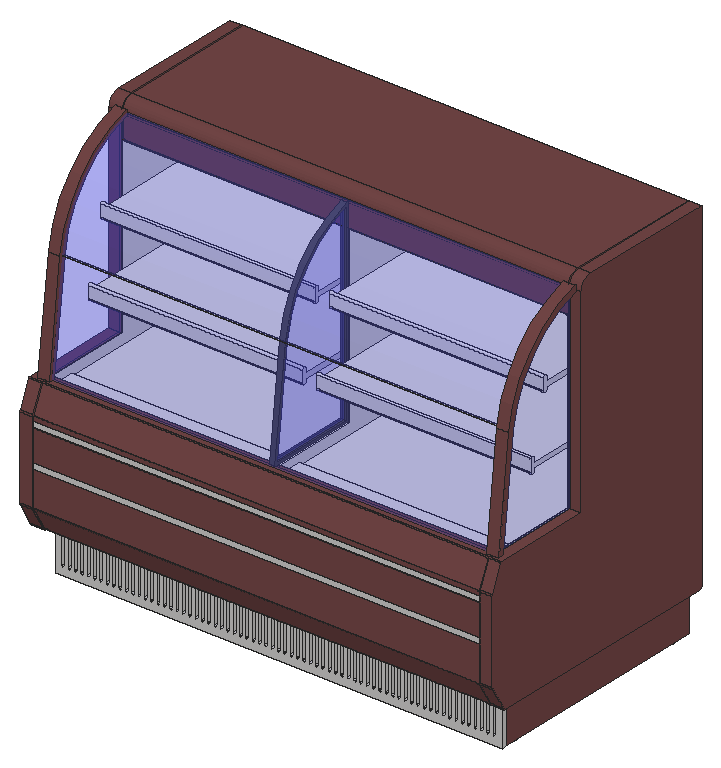
Revit family "QF_Turbo Air_TCGB-60-CO", category Specialty Equipment, Revit 2014 (continued)
Automatic sketch dimensions
  Extrusion 11 sketch curve to Extrusion 11 sketch curve = 0' - 0 7/16"  (x64)
  Extrusion 11 sketch curve to Extrusion 11 sketch curve = 0' - 0 3/16"  (x67)
  Extrusion 11 sketch curve to plane 15 "Door Left" = 0' - 0 1/8"
  plane 23 to Extrusion 11 sketch curve = 0' - 0 3/16"
  plane 16 "Door Right" to Extrusion 11 sketch curve = 0' - 0 1/8"
  plane 6 "Bottom" to Extrusion 11 sketch curve = 0' - 1 1/4"  (x8)
  Extrusion 11 sketch curve to Extrusion 11 sketch curve = 0' - 0"  (x122)
  Extrusion 11 sketch curve to plane 12 "Panel Bottom" = 0' - 0 15/16"  (x8)
  Extrusion 12 sketch curve to plane 19 "Door Top" = 0' - 0"
  Extrusion 12 sketch curve to plane 20 "Door Bottom" = 0' - 0"
  Extrusion 12 sketch curve to plane 9 "BACK" = 0' - 0"
  plane 9 "BACK" to Extrusion 12 sketch curve = 0' - 2 3/8"
  Extrusion 13 sketch curve to plane 19 "Door Top" = 0' - 0"
  Extrusion 13 sketch curve to plane 20 "Door Bottom" = 0' - 0"
  Extrusion 13 sketch curve to plane 9 "BACK" = 0' - 0"
  plane 9 "BACK" to Extrusion 13 sketch curve = 0' - 2 3/8"
  Extrusion 14 sketch curve to Extrusion 14 sketch curve = 0' - 0"  (x2)
  Extrusion 14 sketch curve to plane 10 "Panel Lower" = 0' - 0"
  plane 14 "Bottom Front" to Extrusion 14 sketch curve = 0' - 2.06579"
  Extrusion 14 sketch curve to Extrusion 14 sketch curve = 0' - 0.37782"
  plane 14 "Bottom Front" to Extrusion 14 sketch curve = 0' - 0.39109"
  plane 14 "Bottom Front" to Extrusion 14 sketch curve = 0' - 0.01894"
  Extrusion 14 sketch curve to plane 13 "TOP" = 0' - 1.68514"
  Extrusion 14 sketch curve to plane 14 "Bottom Front" = 0' - 10"
  Extrusion 14 sketch curve to Extrusion 14 sketch curve = 0' - 1 1/2"
  Extrusion 14 sketch curve to plane 18 "Upper Shelf" = 0' - 4.05903"
  Extrusion 14 sketch curve to Extrusion 14 sketch curve = 0' - 2.18672"
  Extrusion 14 sketch curve to Extrusion 14 sketch curve = 0' - 0.04612"
  Extrusion 14 sketch curve to Extrusion 14 sketch curve = 0' - 0.18514"
  Extrusion 15 sketch curve to plane 10 "Panel Lower" = 0' - 0"
  Extrusion 15 sketch curve to plane 14 "Bottom Front" = 0' - 0"
  Extrusion 15 sketch curve to plane 10 "Panel Lower" = 0' - 0 3/8"
  plane 14 "Bottom Front" to Extrusion 15 sketch curve = 0' - 1.20917"
  plane 12 "Panel Bottom" to Extrusion 15 sketch curve = 0' - 0 1/2"
  Extrusion 15 sketch curve to plane 5 "FRONT" = 0' - 2.09151"
  Extrusion 15 sketch curve to Extrusion 15 sketch curve = 0' - 0.14434"
  plane 12 "Panel Bottom" to Extrusion 15 sketch curve = 0' - 0 3/16"
  Extrusion 15 sketch curve to Extrusion 15 sketch curve = 0' - 0.10825"
  Extrusion 15 sketch curve to Extrusion 15 sketch curve = 0' - 1.29074"
  Extrusion 15 sketch curve to plane 10 "Panel Lower" = 0' - 0 1/8"
  Extrusion 15 sketch curve to Extrusion 15 sketch curve = 0' - 0.16283"
  Extrusion 15 sketch curve to plane 10 "Panel Lower" = 0' - 0.07447"
  Extrusion 15 sketch curve to plane 5 "FRONT" = 0' - 0 7/16"  (x3)
  Extrusion 15 sketch curve to plane 5 "FRONT" = 0' - 0 3/16"  (x2)
  Extrusion 15 sketch curve to plane 5 "FRONT" = 0' - 0.07925"
  Extrusion 15 sketch curve to plane 5 "FRONT" = 0' - 0.07317"
  Extrusion 15 sketch curve to plane 5 "FRONT" = 0' - 0 1/16"  (x3)
  plane 12 "Panel Bottom" to Extrusion 15 sketch curve = 0' - 0 1/8"
  plane 12 "Panel Bottom" to Extrusion 15 sketch curve = 0' - 3.23534"
  Extrusion 15 sketch curve to Extrusion 15 sketch curve = 0' - 0.06699"
  Extrusion 15 sketch curve to Extrusion 15 sketch curve = 0' - 4.43208"
  Extrusion 15 sketch curve to Extrusion 15 sketch curve = 0' - 0 3/4"
  Extrusion 15 sketch curve to plane 11 "Inside Bottom" = 0' - 2.5156"
  Extrusion 15 sketch curve to Extrusion 15 sketch curve = 0' - 0 13/16"
  Extrusion 15 sketch curve to Extrusion 15 sketch curve = 0' - 0.48332"
  Extrusion 15 sketch curve to Extrusion 15 sketch curve = 0' - 0.05278"
  Extrusion 16 sketch curve to plane 5 "FRONT" = 0' - 0 1/16"  (x2)
  Extrusion 16 sketch curve to Extrusion 16 sketch curve = 0' - 0 3/8"  (x2)
  Extrusion 16 sketch curve to plane 11 "Inside Bottom" = 0' - 7.2031"
  Extrusion 16 sketch curve to Extrusion 16 sketch curve = 0' - 0 5/8"
  Extrusion 16 sketch curve to plane 11 "Inside Bottom" = 0' - 2.4531"
  Extrusion 16 sketch curve to Extrusion 16 sketch curve = 0' - 0 11/16"
  Extrusion 17 sketch curve to plane 14 "Bottom Front" = 0' - 0"
  Extrusion 17 sketch curve to plane 11 "Inside Bottom" = 0' - 0"
  Extrusion 17 sketch curve to plane 20 "Door Bottom" = 0' - 0 1/16"
  plane 14 "Bottom Front" to Extrusion 17 sketch curve = 0' - 1.20917"
  plane 12 "Panel Bottom" to Extrusion 17 sketch curve = 0' - 0 1/2"
  Extrusion 17 sketch curve to plane 5 "FRONT" = 0' - 2.09151"
  Extrusion 17 sketch curve to plane 10 "Panel Lower" = 0' - 0 3/8"
  Extrusion 17 sketch curve to Extrusion 17 sketch curve = 0' - 1.29074"
  Extrusion 17 sketch curve to plane 5 "FRONT" = 0' - 0 7/16"
  Extrusion 17 sketch curve to plane 14 "Bottom Front" = 0' - 1 7/8"
  plane 9 "BACK" to Extrusion 17 sketch curve = 0' - 2 3/8"
  Extrusion 17 sketch curve to Extrusion 17 sketch curve = 0' - 2.86482"
  Extrusion 17 sketch curve to Extrusion 17 sketch curve = 0' - 4.88518"
  Extrusion 17 sketch curve to plane 11 "Inside Bottom" = 0' - 1.21978"
  Extrusion 18 sketch curve to plane 11 "Inside Bottom" = 0' - 0"
  plane 9 "BACK" to Extrusion 18 sketch curve = 0' - 5 1/8"
  Extrusion 18 sketch curve to plane 13 "TOP" = 0' - 0 3/4"
  plane 9 "BACK" to Extrusion 18 sketch curve = 0' - 2 3/8"
  Extrusion 19 sketch curve to plane 11 "Inside Bottom" = 0' - 0"
  plane 9 "BACK" to Extrusion 19 sketch curve = 0' - 5 1/8"
  Extrusion 19 sketch curve to plane 13 "TOP" = 0' - 0 3/4"
  plane 9 "BACK" to Extrusion 19 sketch curve = 0' - 2 3/8"
  Extrusion 20 sketch curve to plane 20 "Door Bottom" = 0' - 0"
  Extrusion 20 sketch curve to plane 19 "Door Top" = 0' - 0"
  Extrusion 20 sketch curve to plane 11 "Inside Bottom" = 0' - 0"
  Extrusion 20 sketch curve to plane 13 "TOP" = 0' - 0 3/4"
  plane 9 "BACK" to Extrusion 20 sketch curve = 0' - 5 1/8"  (x2)
  plane 9 "BACK" to Extrusion 20 sketch curve = 0' - 2 3/8"  (x2)
  Extrusion 21 sketch curve to plane 13 "TOP" = 0' - 1 3/4"
  Extrusion 21 sketch curve to plane 14 "Bottom Front" = 0' - 10 1/8"
  Extrusion 21 sketch curve to Extrusion 21 sketch curve = 0' - 0.22256"
  Extrusion 21 sketch curve to Extrusion 21 sketch curve = 0' - 1.15244"
  Extrusion 21 sketch curve to Extrusion 21 sketch curve = 0' - 0 1/8"
  plane 19 "Door Top" to Extrusion 21 sketch curve = 0' - 0 13/16"
  plane 9 "BACK" to Extrusion 21 sketch curve = 0' - 5 1/8"
  Extrusion 21 sketch curve to Extrusion 21 sketch curve = 0' - 0 1/4"
  Extrusion 22 sketch curve to plane 10 "Panel Lower" = 0' - 0"
  Extrusion 22 sketch curve to plane 11 "Inside Bottom" = 0' - 0"  (x3)
  Extrusion 22 sketch curve to plane 20 "Door Bottom" = 0' - 0 1/16"
  plane 14 "Bottom Front" to Extrusion 22 sketch curve = 0' - 1.20917"
  Extrusion 22 sketch curve to plane 14 "Bottom Front" = 0' - 1 7/8"
  Extrusion 22 sketch curve to Extrusion 22 sketch curve = 0' - 0 1/16"  (x3)
  Extrusion 22 sketch curve to Extrusion 22 sketch curve = 0' - 8 1/16"
  plane 19 "Door Top" to Extrusion 22 sketch curve = 0' - 0 13/16"
  Extrusion 22 sketch curve to Extrusion 22 sketch curve = 0' - 1 1/2"  (x2)
  Extrusion 22 sketch curve to plane 20 "Door Bottom" = 0' - 0 3/8"  (x2)
  plane 9 "BACK" to Extrusion 22 sketch curve = 0' - 6 3/4"
  plane 9 "BACK" to Extrusion 22 sketch curve = 0' - 5 1/8"
  Extrusion 22 sketch curve to plane 19 "Door Top" = 0' - 1 1/16"
  Extrusion 22 sketch curve to plane 13 "TOP" = 0' - 1 3/4"
  Extrusion 23 sketch curve to plane 10 "Panel Lower" = 0' - 0"
  Extrusion 23 sketch curve to plane 11 "Inside Bottom" = 0' - 0"  (x3)
  Extrusion 23 sketch curve to plane 20 "Door Bottom" = 0' - 0 1/16"
  plane 14 "Bottom Front" to Extrusion 23 sketch curve = 0' - 1.20917"
  Extrusion 23 sketch curve to plane 14 "Bottom Front" = 0' - 1 7/8"
  Extrusion 23 sketch curve to Extrusion 23 sketch curve = 0' - 0 1/16"  (x3)
  Extrusion 23 sketch curve to Extrusion 23 sketch curve = 0' - 8 1/16"
  plane 19 "Door Top" to Extrusion 23 sketch curve = 0' - 0 13/16"
  Extrusion 23 sketch curve to Extrusion 23 sketch curve = 0' - 1 1/2"  (x2)
  Extrusion 23 sketch curve to plane 20 "Door Bottom" = 0' - 0 3/8"  (x2)
  plane 9 "BACK" to Extrusion 23 sketch curve = 0' - 6 3/4"
  plane 9 "BACK" to Extrusion 23 sketch curve = 0' - 5 1/8"
  Extrusion 23 sketch curve to plane 19 "Door Top" = 0' - 1 1/16"
  Extrusion 23 sketch curve to plane 13 "TOP" = 0' - 1 3/4"
  Extrusion 24 sketch curve to plane 11 "Inside Bottom" = 0' - 0"  (x2)
  Extrusion 24 sketch curve to plane 20 "Door Bottom" = 0' - 0 3/8"  (x2)
  Extrusion 24 sketch curve to plane 14 "Bottom Front" = 0' - 1 15/16"
  plane 9 "BACK" to Extrusion 24 sketch curve = 0' - 6 3/4"
  Extrusion 24 sketch curve to Extrusion 24 sketch curve = 0' - 0 1/16"
  Extrusion 24 sketch curve to Extrusion 24 sketch curve = 0' - 1 1/2"
  Extrusion 25 sketch curve to plane 17 "Lower Shelf" = 0' - 0"
  Extrusion 25 sketch curve to plane 18 "Upper Shelf" = 0' - 0"
  Extrusion 25 sketch curve to plane 17 "Lower Shelf" = 0' - 1"
  Extrusion 25 sketch curve to plane 14 "Bottom Front" = 0' - 4 3/8"
  Extrusion 25 sketch curve to Extrusion 25 sketch curve = 0' - 0 3/16"  (x4)
  Extrusion 25 sketch curve to plane 18 "Upper Shelf" = 0' - 1"
  Extrusion 25 sketch curve to plane 14 "Bottom Front" = 0' - 6 3/8"
  plane 9 "BACK" to Extrusion 25 sketch curve = 0' - 5 1/8"  (x2)
  Extrusion 25 sketch curve to plane 17 "Lower Shelf" = 0' - 0 5/8"
  plane 17 "Lower Shelf" to Extrusion 25 sketch curve = 0' - 0 9/16"
  Extrusion 25 sketch curve to plane 18 "Upper Shelf" = 0' - 0 5/8"
  plane 18 "Upper Shelf" to Extrusion 25 sketch curve = 0' - 0 9/16"
  Extrusion 30 sketch curve to plane 9 "BACK" = 0' - 0"
  Extrusion 30 sketch curve to plane 1 "Handle Back" = 0' - 0"
  Extrusion 30 sketch curve to plane 17 "Lower Shelf" = 0' - 2 1/8"
  Extrusion 30 sketch curve to Extrusion 30 sketch curve = 0' - 0 1/2"  (x2)
  plane 18 "Upper Shelf" to Extrusion 30 sketch curve = 0' - 0 5/8"
  plane 9 "BACK" to Extrusion 31 sketch curve = 0' - 1 3/16"
  plane 9 "BACK" to Extrusion 31 sketch curve = 0' - 0 7/16"
  Extrusion 31 sketch curve to plane 17 "Lower Shelf" = 0' - 2 1/8"
  Extrusion 31 sketch curve to Extrusion 31 sketch curve = 0' - 0 1/2"  (x2)
  plane 18 "Upper Shelf" to Extrusion 31 sketch curve = 0' - 0 5/8"
  Extrusion 34 sketch curve to plane 17 "Lower Shelf" = 0' - 0"
  Extrusion 34 sketch curve to plane 18 "Upper Shelf" = 0' - 0"
  Extrusion 34 sketch curve to plane 17 "Lower Shelf" = 0' - 1"
  Extrusion 34 sketch curve to plane 14 "Bottom Front" = 0' - 4 3/8"
  Extrusion 34 sketch curve to Extrusion 34 sketch curve = 0' - 0 3/16"  (x4)
  Extrusion 34 sketch curve to plane 18 "Upper Shelf" = 0' - 1"
  Extrusion 34 sketch curve to plane 14 "Bottom Front" = 0' - 6 3/8"
  plane 9 "BACK" to Extrusion 34 sketch curve = 0' - 5 1/8"  (x2)
  Extrusion 34 sketch curve to plane 17 "Lower Shelf" = 0' - 0 5/8"
  plane 17 "Lower Shelf" to Extrusion 34 sketch curve = 0' - 0 9/16"
  Extrusion 34 sketch curve to Extrusion 34 sketch curve = 0' - 0 5/8"
  plane 18 "Upper Shelf" to Extrusion 34 sketch curve = 0' - 0 9/16"
  Extrusion 36 sketch curve to plane 11 "Inside Bottom" = 0' - 0"  (x2)
  Extrusion 36 sketch curve to plane 20 "Door Bottom" = 0' - 0 3/8"  (x2)
  Extrusion 36 sketch curve to plane 14 "Bottom Front" = 0' - 1 15/16"
  plane 9 "BACK" to Extrusion 36 sketch curve = 0' - 6 3/4"
  Extrusion 36 sketch curve to Extrusion 36 sketch curve = 0' - 0 1/16"
  Extrusion 36 sketch curve to Extrusion 36 sketch curve = 0' - 1 1/2"
  Extrusion 37 sketch curve to plane 10 "Panel Lower" = 0' - 0"
  plane 14 "Bottom Front" to Extrusion 37 sketch curve = 0' - 0.01894"
  Extrusion 37 sketch curve to plane 18 "Upper Shelf" = 0' - 4.05903"
  Extrusion 37 sketch curve to plane 18 "Upper Shelf" = 0' - 2.34434"
  Extrusion 37 sketch curve to Extrusion 37 sketch curve = 0' - 0 1/4"
  Extrusion 37 sketch curve to Extrusion 37 sketch curve = 0' - 0.33281"
  plane 10 "Panel Lower" to Extrusion 37 sketch curve = 0' - 0 1/4"
  Extrusion 37 sketch curve to Extrusion 37 sketch curve = 0' - 0.28257"
  Extrusion 37 sketch curve to Extrusion 37 sketch curve = 0' - 0.03075"
  Extrusion 37 sketch curve to Extrusion 37 sketch curve = 0' - 0"  (x2)
  Extrusion 37 sketch curve to Extrusion 37 sketch curve = 0' - 0.2481"
  plane 19 "Door Top" to Extrusion 38 sketch curve = 0' - 1.54455"
  Extrusion 38 sketch curve to plane 14 "Bottom Front" = 0' - 9 3/4"
  Extrusion 38 sketch curve to plane 18 "Upper Shelf" = 0' - 4.05903"
  Extrusion 38 sketch curve to Extrusion 38 sketch curve = 0' - 3.93672"
  Extrusion 38 sketch curve to plane 14 "Bottom Front" = 0' - 0.22916"
  plane 10 "Panel Lower" to Extrusion 38 sketch curve = 0' - 0 1/4"
  plane 14 "Bottom Front" to Extrusion 38 sketch curve = 0' - 1.4054"
  Extrusion 37 sketch curve to Extrusion 37 sketch curve = 0' - 11.4054"
  Extrusion 37 sketch curve to plane 14 "Bottom Front" = 0' - 9 3/4"
  Extrusion 35 sketch curve to plane 11 "Inside Bottom" = 0' - 0"
  Extrusion 35 sketch curve to plane 10 "Panel Lower" = 0' - 0"
  Extrusion 35 sketch curve to plane 19 "Door Top" = 0' - 0"
  Extrusion 35 sketch curve to plane 20 "Door Bottom" = 0' - 0"
  Extrusion 35 sketch curve to plane 20 "Door Bottom" = 0' - 0 1/16"
  plane 14 "Bottom Front" to Extrusion 35 sketch curve = 0' - 1.20917"
  Extrusion 35 sketch curve to plane 14 "Bottom Front" = 0' - 1 7/8"
  Extrusion 35 sketch curve to plane 19 "Door Top" = 0' - 1 1/16"
  Extrusion 35 sketch curve to plane 14 "Bottom Front" = 0' - 10"
  Extrusion 35 sketch curve to Extrusion 35 sketch curve = 0' - 0 1/16"
  Extrusion 35 sketch curve to Extrusion 35 sketch curve = 0' - 1 1/2"
  plane 9 "BACK" to Extrusion 35 sketch curve = 0' - 5 1/8"  (x2)
  plane 9 "BACK" to Extrusion 35 sketch curve = 0' - 2 3/8"
  Extrusion 35 sketch curve to Extrusion 35 sketch curve = 0' - 0 13/16"
  Extrusion 35 sketch curve to plane 13 "TOP" = 0' - 1 3/4"
  curve 11 to plane 7 "Inside Left" = 0' - 0"
  plane 1 "Handle Back" to curve 18 = 0' - 0"
  curve 17 to plane 8 "Inside Right" = 0' - 0"
  curve 16 to plane 8 "Inside Right" = 0' - 0"
  curve 18 to plane 16 "Door Right" = 0' - 1"
  curve 18 to curve 20 = 0' - 0 1/4"
  plane 22 to curve 26 = 0' - 0 1/4"
  curve 25 to plane 23 = 0' - 0 1/4"
  curve 13 to curve 24 = 0' - 0.25188"
  plane 14 "Bottom Front" to curve 26 = 0' - 0.39109"
  curve 21 to curve 12 = 0' - 0.07996"
  curve 22 to curve 12 = 0' - 0.07996"
  curve 9 to curve 6 = 0' - 0.07996"
  radius of Extrusion 32 sketch curve = 0' - 0 9/16"  (x4)
  radius of Extrusion 33 sketch curve = 0' - 0 1/4"
Connectors (in)
  electrical at (13.68427, -0.6875, 6), driven by "Number of Poles", driven by "Volts", driven by "Apparent Power"
    settings: on Extrusion 33, index 1, voltage 115 V, apparent load 747.5 VA, apparent load phase1 0 VA, apparent load phase2 0 VA, apparent load phase3 0 VA, power factor 1, load classification "Other", number of poles 1, system type 30, power factor state 1, is connector primary yes, connector utility no, sub classification motor no, connector description "Electric"
